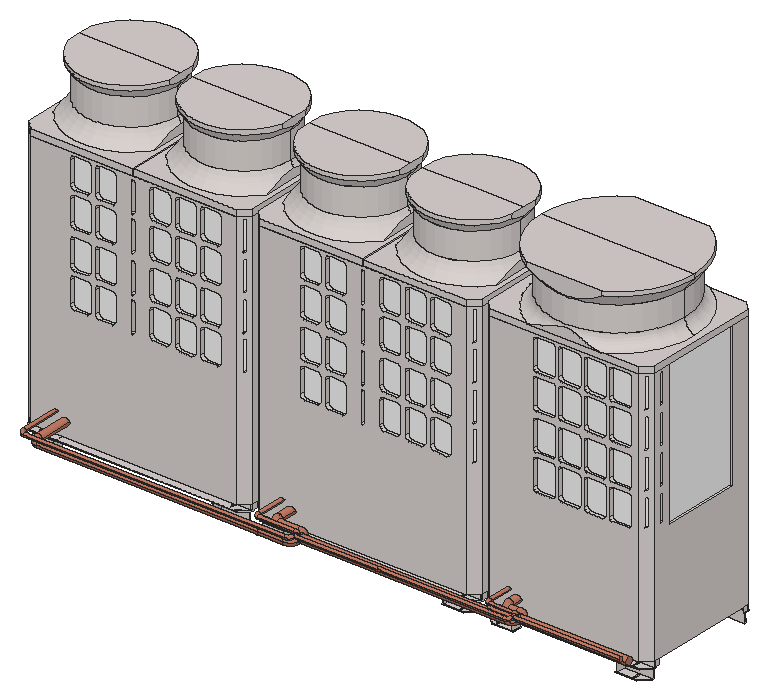
Revit family "PUHY-EP1000YSNW-A", category Mechanical Equipment, Revit 2012 (continued)
Definition of nested family "PUHY-EP400YNW-A"
  Lines and regions (mm)
    model lines
      curve 12: line (-495, -370, 141) -> (-495, -370, 205)
      curve 13: line (-357, -370, 131) -> (-485, -370, 131)
      curve 14: line (-347, -370, 205) -> (-347, -370, 141)
      curve 15: arc (-485, -370, 215) -> (-492.071, -370, 212.071) -> (-495, -370, 205) r 10
      curve 16: arc (-495, -370, 141) -> (-492.071, -370, 133.929) -> (-485, -370, 131) r 10
      curve 17: arc (-357, -370, 131) -> (-349.929, -370, 133.929) -> (-347, -370, 141) r 10
      curve 18: arc (-347, -370, 205) -> (-349.929, -370, 212.071) -> (-357, -370, 215) r 10
      curve 19: line (-405, -370, 1521) -> (-405, -370, 716)
      curve 20: line (620, -162.3, 1521) -> (620, -162.3, 95)
      curve 21: line (620, 289.2, 1521) -> (620, 289.2, 95)
      curve 22: line (620, -162.3, 705) -> (620, 289.2, 705)
      curve 23: line (620, -162.3, 725) -> (620, 289.2, 725)
      curve 24: line (620, -76.8, 583) -> (620, 203.2, 583)
      curve 25: line (620, 203.2, 563) -> (620, -76.8, 563)
      curve 26: arc (620, -76.8, 583) -> (620, -83.871, 580.071) -> (620, -86.8, 573) r 10
      curve 27: arc (620, -76.8, 563) -> (620, -83.871, 565.929) -> (620, -86.8, 573) r 10
      curve 28: arc (620, 203.2, 583) -> (620, 210.271, 580.071) -> (620, 213.2, 573) r 10
      curve 29: arc (620, 203.2, 563) -> (620, 210.271, 565.929) -> (620, 213.2, 573) r 10
      curve 30: line (620, -76.8, 478) -> (620, 203.2, 478)
      curve 31: line (620, 203.2, 458) -> (620, -76.8, 458)
      curve 32: arc (620, -76.8, 478) -> (620, -83.871, 475.071) -> (620, -86.8, 468) r 10
      curve 33: arc (620, -76.8, 458) -> (620, -83.871, 460.929) -> (620, -86.8, 468) r 10
      curve 34: arc (620, 203.2, 478) -> (620, 210.271, 475.071) -> (620, 213.2, 468) r 10
      curve 35: arc (620, 203.2, 458) -> (620, 210.271, 460.929) -> (620, 213.2, 468) r 10
      curve 36: line (620, -76.8, 373) -> (620, 203.2, 373)
      curve 37: line (620, 203.2, 353) -> (620, -76.8, 353)
      curve 38: arc (620, -76.8, 373) -> (620, -83.871, 370.071) -> (620, -86.8, 363) r 10
      curve 39: arc (620, -76.8, 353) -> (620, -83.871, 355.929) -> (620, -86.8, 363) r 10
      curve 40: arc (620, 203.2, 373) -> (620, 210.271, 370.071) -> (620, 213.2, 363) r 10
      curve 41: arc (620, 203.2, 353) -> (620, 210.271, 355.929) -> (620, 213.2, 363) r 10
      curve 42: line (620, -76.8, 268) -> (620, 203.2, 268)
      curve 43: line (620, 203.2, 248) -> (620, -76.8, 248)
      curve 44: arc (620, -76.8, 268) -> (620, -83.871, 265.071) -> (620, -86.8, 258) r 10
      curve 45: arc (620, -76.8, 248) -> (620, -83.871, 250.929) -> (620, -86.8, 258) r 10
      curve 46: arc (620, 203.2, 268) -> (620, 210.271, 265.071) -> (620, 213.2, 258) r 10
      curve 47: arc (620, 203.2, 248) -> (620, 210.271, 250.929) -> (620, 213.2, 258) r 10
      curve 48: line (-620, -162.3, 1521) -> (-620, -162.3, 95)
      curve 49: line (-620, 235.7, 1521) -> (-620, 235.7, 95)
      curve 50: line (-620, -112.3, 1521) -> (-620, -112.3, 705)
      curve 51: line (-620, 215.7, 1521) -> (-620, 215.7, 705)
      curve 52: line (-620, 235.7, 705) -> (-620, -162.3, 705)
      curve 53: line (-620, 176.7, 268) -> (-620, -103.3, 268)
      curve 54: line (-620, -103.3, 248) -> (-620, 176.7, 248)
      curve 55: arc (-620, 186.7, 258) -> (-620, 183.771, 265.071) -> (-620, 176.7, 268) r 10
      curve 56: arc (-620, 176.7, 248) -> (-620, 183.771, 250.929) -> (-620, 186.7, 258) r 10
      curve 57: arc (-620, -103.3, 268) -> (-620, -110.371, 265.071) -> (-620, -113.3, 258) r 10
      curve 58: arc (-620, -113.3, 258) -> (-620, -110.371, 250.929) -> (-620, -103.3, 248) r 10
      curve 59: line (-620, 176.7, 373) -> (-620, -103.3, 373)
      curve 60: line (-620, -103.3, 353) -> (-620, 176.7, 353)
      curve 61: arc (-620, 186.7, 363) -> (-620, 183.771, 370.071) -> (-620, 176.7, 373) r 10
      curve 62: arc (-620, 176.7, 353) -> (-620, 183.771, 355.929) -> (-620, 186.7, 363) r 10
      curve 63: arc (-620, -103.3, 373) -> (-620, -110.371, 370.071) -> (-620, -113.3, 363) r 10
      curve 64: arc (-620, -113.3, 363) -> (-620, -110.371, 355.929) -> (-620, -103.3, 353) r 10
      curve 65: line (-620, 176.7, 478) -> (-620, -103.3, 478)
      curve 66: line (-620, -103.3, 458) -> (-620, 176.7, 458)
      curve 67: arc (-620, 186.7, 468) -> (-620, 183.771, 475.071) -> (-620, 176.7, 478) r 10
      curve 68: arc (-620, 176.7, 458) -> (-620, 183.771, 460.929) -> (-620, 186.7, 468) r 10
      curve 69: arc (-620, -103.3, 478) -> (-620, -110.371, 475.071) -> (-620, -113.3, 468) r 10
      curve 70: arc (-620, -113.3, 468) -> (-620, -110.371, 460.929) -> (-620, -103.3, 458) r 10
      curve 71: line (-620, 176.7, 583) -> (-620, -103.3, 583)
      curve 72: line (-620, -103.3, 563) -> (-620, 176.7, 563)
      curve 73: arc (-620, 186.7, 573) -> (-620, 183.771, 580.071) -> (-620, 176.7, 583) r 10
      curve 74: arc (-620, 176.7, 563) -> (-620, 183.771, 565.929) -> (-620, 186.7, 573) r 10
      curve 75: arc (-620, -103.3, 583) -> (-620, -110.371, 580.071) -> (-620, -113.3, 573) r 10
      curve 76: arc (-620, -113.3, 573) -> (-620, -110.371, 565.929) -> (-620, -103.3, 563) r 10
      curve 77: line (-544, 370, 1521) -> (-544, 370, 95)
      curve 78: line (489, 370, 649) -> (30, 370, 649)
      curve 79: line (-30.5, 370, 649) -> (-544, 370, 649)
      curve 80: line (-147.25, 370, 584) -> (-427.25, 370, 584)
      curve 81: line (-427.25, 370, 564) -> (-147.25, 370, 564)
      curve 82: arc (-137.25, 370, 574) -> (-140.179, 370, 581.071) -> (-147.25, 370, 584) r 10
      curve 83: arc (-147.25, 370, 564) -> (-140.179, 370, 566.929) -> (-137.25, 370, 574) r 10
      curve 84: arc (-427.25, 370, 584) -> (-434.321, 370, 581.071) -> (-437.25, 370, 574) r 10
      curve 85: arc (-437.25, 370, 574) -> (-434.321, 370, 566.929) -> (-427.25, 370, 564) r 10
      curve 86: circle (448, -185, 1521) r 15 normal (0, 0, 1)
      curve 87: circle (468, -185, 95) r 26 normal (0, 0, 1)
      curve 88: circle (448, -260, 95) r 32.5 normal (0, 0, 1)
      curve 89: circle (404, -204, 95) r 17 normal (0, 0, 1)
      curve 90: line (-550, -370, 1521) -> (-550, -370, 95)
      curve 91: line (-550, -370, 716) -> (-30, -370, 716)
      curve 92: line (550, -370, 95) -> (550, -370, 1521)
      curve 93: line (30, -370, 716) -> (550, -370, 716)
      curve 94: line (-30.5, 370, 1521) -> (-30.5, 370, 95)
      curve 95: line (30, 370, 1521) -> (30, 370, 95)
      curve 96: line (489, 370, 1521) -> (489, 370, 95)
      curve 97: line (467, 370, 669) -> (467, 370, 649)
      curve 98: line (-352, -370, 223) -> (-550, -370, 223)
      curve 99: line (-342, -370, 213) -> (-342, -370, 95)
      curve 100: arc (-342, -370, 213) -> (-344.929, -370, 220.071) -> (-352, -370, 223) r 10
      curve 101: circle (488, -370, 160) r 32.5 normal (0, -1, 0)
      curve 102: circle (488, -370, 160) r 20 normal (0, -1, 0)
      curve 103: circle (364, -370, 150) r 17 normal (0, -1, 0)
      curve 104: circle (413, -370, 185) r 26 normal (0, -1, 0)
      curve 105: circle (413, -370, 185) r 13.5 normal (0, -1, 0)
      curve 106: line (352, -370, 223) -> (550, -370, 223)
      curve 107: line (342, -370, 213) -> (342, -370, 95)
      curve 108: arc (342, -370, 213) -> (344.929, -370, 220.071) -> (352, -370, 223) r 10
      curve 109: line (-147.25, 370, 479) -> (-427.25, 370, 479)
      curve 110: line (-427.25, 370, 459) -> (-147.25, 370, 459)
      curve 111: arc (-137.25, 370, 469) -> (-140.179, 370, 476.071) -> (-147.25, 370, 479) r 10
      curve 112: arc (-147.25, 370, 459) -> (-140.179, 370, 461.929) -> (-137.25, 370, 469) r 10
      curve 113: arc (-427.25, 370, 479) -> (-434.321, 370, 476.071) -> (-437.25, 370, 469) r 10
      curve 114: arc (-437.25, 370, 469) -> (-434.321, 370, 461.929) -> (-427.25, 370, 459) r 10
      curve 115: line (-147.25, 370, 374) -> (-427.25, 370, 374)
      curve 116: line (-427.25, 370, 354) -> (-147.25, 370, 354)
      curve 117: arc (-137.25, 370, 364) -> (-140.179, 370, 371.071) -> (-147.25, 370, 374) r 10
      curve 118: arc (-147.25, 370, 354) -> (-140.179, 370, 356.929) -> (-137.25, 370, 364) r 10
      curve 119: arc (-427.25, 370, 374) -> (-434.321, 370, 371.071) -> (-437.25, 370, 364) r 10
      curve 120: arc (-437.25, 370, 364) -> (-434.321, 370, 356.929) -> (-427.25, 370, 354) r 10
      curve 121: line (-147.25, 370, 269) -> (-427.25, 370, 269)
      curve 122: line (-427.25, 370, 249) -> (-147.25, 370, 249)
      curve 123: arc (-137.25, 370, 259) -> (-140.179, 370, 266.071) -> (-147.25, 370, 269) r 10
      curve 124: arc (-147.25, 370, 249) -> (-140.179, 370, 251.929) -> (-137.25, 370, 259) r 10
      curve 125: arc (-427.25, 370, 269) -> (-434.321, 370, 266.071) -> (-437.25, 370, 259) r 10
      curve 126: arc (-437.25, 370, 259) -> (-434.321, 370, 251.929) -> (-427.25, 370, 249) r 10
      curve 127: line (399.5, 370, 584) -> (119.5, 370, 584)
      curve 128: line (119.5, 370, 564) -> (399.5, 370, 564)
      curve 129: arc (409.5, 370, 574) -> (406.571, 370, 581.071) -> (399.5, 370, 584) r 10
      curve 130: arc (399.5, 370, 564) -> (406.571, 370, 566.929) -> (409.5, 370, 574) r 10
      curve 131: arc (119.5, 370, 584) -> (112.429, 370, 581.071) -> (109.5, 370, 574) r 10
      curve 132: arc (109.5, 370, 574) -> (112.429, 370, 566.929) -> (119.5, 370, 564) r 10
      curve 133: line (399.5, 370, 479) -> (119.5, 370, 479)
      curve 134: line (119.5, 370, 459) -> (399.5, 370, 459)
      curve 135: arc (409.5, 370, 469) -> (406.571, 370, 476.071) -> (399.5, 370, 479) r 10
      curve 136: arc (399.5, 370, 459) -> (406.571, 370, 461.929) -> (409.5, 370, 469) r 10
      curve 137: arc (119.5, 370, 479) -> (112.429, 370, 476.071) -> (109.5, 370, 469) r 10
      curve 138: arc (109.5, 370, 469) -> (112.429, 370, 461.929) -> (119.5, 370, 459) r 10
      curve 139: line (399.5, 370, 374) -> (119.5, 370, 374)
      curve 140: line (119.5, 370, 354) -> (399.5, 370, 354)
      curve 141: arc (409.5, 370, 364) -> (406.571, 370, 371.071) -> (399.5, 370, 374) r 10
      curve 142: arc (399.5, 370, 354) -> (406.571, 370, 356.929) -> (409.5, 370, 364) r 10
      curve 143: arc (119.5, 370, 374) -> (112.429, 370, 371.071) -> (109.5, 370, 364) r 10
      curve 144: arc (109.5, 370, 364) -> (112.429, 370, 356.929) -> (119.5, 370, 354) r 10
      curve 145: line (399.5, 370, 269) -> (119.5, 370, 269)
      curve 146: line (119.5, 370, 249) -> (399.5, 370, 249)
      curve 147: arc (409.5, 370, 259) -> (406.571, 370, 266.071) -> (399.5, 370, 269) r 10
      curve 148: arc (399.5, 370, 249) -> (406.571, 370, 251.929) -> (409.5, 370, 259) r 10
      curve 149: arc (119.5, 370, 269) -> (112.429, 370, 266.071) -> (109.5, 370, 259) r 10
      curve 150: arc (109.5, 370, 259) -> (112.429, 370, 251.929) -> (119.5, 370, 249) r 10
      curve 151: line (399.5, -370, 584) -> (119.5, -370, 584)
      curve 152: line (119.5, -370, 564) -> (399.5, -370, 564)
      curve 153: arc (409.5, -370, 574) -> (406.571, -370, 581.071) -> (399.5, -370, 584) r 10
      curve 154: arc (399.5, -370, 564) -> (406.571, -370, 566.929) -> (409.5, -370, 574) r 10
      curve 155: arc (119.5, -370, 584) -> (112.429, -370, 581.071) -> (109.5, -370, 574) r 10
      curve 156: arc (109.5, -370, 574) -> (112.429, -370, 566.929) -> (119.5, -370, 564) r 10
      curve 157: line (399.5, -370, 479) -> (119.5, -370, 479)
      curve 158: line (119.5, -370, 459) -> (399.5, -370, 459)
      curve 159: arc (409.5, -370, 469) -> (406.571, -370, 476.071) -> (399.5, -370, 479) r 10
      curve 160: arc (399.5, -370, 459) -> (406.571, -370, 461.929) -> (409.5, -370, 469) r 10
      curve 161: arc (119.5, -370, 479) -> (112.429, -370, 476.071) -> (109.5, -370, 469) r 10
      curve 162: arc (109.5, -370, 469) -> (112.429, -370, 461.929) -> (119.5, -370, 459) r 10
      curve 163: line (399.5, -370, 374) -> (119.5, -370, 374)
      curve 164: line (119.5, -370, 354) -> (399.5, -370, 354)
      curve 165: arc (409.5, -370, 364) -> (406.571, -370, 371.071) -> (399.5, -370, 374) r 10
      curve 166: arc (399.5, -370, 354) -> (406.571, -370, 356.929) -> (409.5, -370, 364) r 10
      curve 167: arc (119.5, -370, 374) -> (112.429, -370, 371.071) -> (109.5, -370, 364) r 10
      curve 168: arc (109.5, -370, 364) -> (112.429, -370, 356.929) -> (119.5, -370, 354) r 10
      curve 169: arc (119.5, -370, 269) -> (112.429, -370, 266.071) -> (109.5, -370, 259) r 10
      curve 170: arc (109.5, -370, 259) -> (112.429, -370, 251.929) -> (119.5, -370, 249) r 10
      curve 171: line (-147.25, -370, 584) -> (-427.25, -370, 584)
      curve 172: line (-427.25, -370, 564) -> (-147.25, -370, 564)
      curve 173: arc (-137.25, -370, 574) -> (-140.179, -370, 581.071) -> (-147.25, -370, 584) r 10
      curve 174: arc (-147.25, -370, 564) -> (-140.179, -370, 566.929) -> (-137.25, -370, 574) r 10
      curve 175: arc (-427.25, -370, 584) -> (-434.321, -370, 581.071) -> (-437.25, -370, 574) r 10
      curve 176: arc (-437.25, -370, 574) -> (-434.321, -370, 566.929) -> (-427.25, -370, 564) r 10
      curve 177: line (-147.25, -370, 479) -> (-427.25, -370, 479)
      curve 178: line (-427.25, -370, 459) -> (-147.25, -370, 459)
      curve 179: arc (-137.25, -370, 469) -> (-140.179, -370, 476.071) -> (-147.25, -370, 479) r 10
      curve 180: arc (-147.25, -370, 459) -> (-140.179, -370, 461.929) -> (-137.25, -370, 469) r 10
      curve 181: arc (-427.25, -370, 479) -> (-434.321, -370, 476.071) -> (-437.25, -370, 469) r 10
      curve 182: arc (-437.25, -370, 469) -> (-434.321, -370, 461.929) -> (-427.25, -370, 459) r 10
      curve 183: line (-147.25, -370, 374) -> (-427.25, -370, 374)
      curve 184: line (-427.25, -370, 354) -> (-147.25, -370, 354)
      curve 185: arc (-137.25, -370, 364) -> (-140.179, -370, 371.071) -> (-147.25, -370, 374) r 10
      curve 186: arc (-147.25, -370, 354) -> (-140.179, -370, 356.929) -> (-137.25, -370, 364) r 10
      curve 187: arc (-427.25, -370, 374) -> (-434.321, -370, 371.071) -> (-437.25, -370, 364) r 10
      curve 188: arc (-437.25, -370, 364) -> (-434.321, -370, 356.929) -> (-427.25, -370, 354) r 10
      curve 189: line (-147.25, -370, 269) -> (-262.25, -370, 269)
      curve 190: line (-262.25, -370, 249) -> (-147.25, -370, 249)
      curve 191: arc (-137.25, -370, 259) -> (-140.179, -370, 266.071) -> (-147.25, -370, 269) r 10
      curve 192: arc (-147.25, -370, 249) -> (-140.179, -370, 251.929) -> (-137.25, -370, 259) r 10
      curve 193: arc (-262.25, -370, 269) -> (-269.321, -370, 266.071) -> (-272.25, -370, 259) r 10
      curve 194: arc (-272.25, -370, 259) -> (-269.321, -370, 251.929) -> (-262.25, -370, 249) r 10
      curve 195: line (234.5, -370, 269) -> (119.5, -370, 269)
      curve 196: line (119.5, -370, 249) -> (234.5, -370, 249)
      curve 197: arc (244.5, -370, 259) -> (241.571, -370, 266.071) -> (234.5, -370, 269) r 10
      curve 198: arc (234.5, -370, 249) -> (241.571, -370, 251.929) -> (244.5, -370, 259) r 10
  Dimensions and locks
    nested 2 to nested 2 = 303 mm
    cut or joined group 1 (Extrusion 1, Extrusion 2, Extrusion 3, Extrusion 4, Extrusion 5, Extrusion 6, Extrusion 7, Extrusion 8, Extrusion 9, Extrusion 10, Extrusion 11, Extrusion 12, Extrusion 13, Extrusion 14, Extrusion 15, Extrusion 16, Extrusion 17, Extrusion 18, Extrusion 19, Extrusion 20, Extrusion 21, Extrusion 22, Extrusion 23, Extrusion 24, Extrusion 25, Extrusion 26, Extrusion 27, Extrusion 28, Extrusion 29, Extrusion 30, Extrusion 31, Extrusion 32, Extrusion 33) to cut or joined group 1 = 1240 mm
    Extrusion 2 sketch curve to Extrusion 2 sketch curve = 116.8 mm
    Extrusion 2 sketch curve to Extrusion 2 sketch curve = 170.8 mm
    Extrusion 3 sketch curve to Extrusion 3 sketch curve = 116.8 mm
    Extrusion 3 sketch curve to Extrusion 3 sketch curve = 170.8 mm
    Extrusion 4 sketch curve to Extrusion 4 sketch curve = 116.8 mm
    Extrusion 4 sketch curve to Extrusion 4 sketch curve = 170.8 mm
    Extrusion 5 sketch curve to Extrusion 5 sketch curve = 116.8 mm
    Extrusion 5 sketch curve to Extrusion 5 sketch curve = 170.8 mm
    Extrusion 6 sketch curve to Extrusion 6 sketch curve = 116.8 mm
    Extrusion 6 sketch curve to Extrusion 6 sketch curve = 170.8 mm
    Extrusion 7 sketch curve to Extrusion 7 sketch curve = 116.8 mm
    Extrusion 7 sketch curve to Extrusion 7 sketch curve = 170.8 mm
    Extrusion 8 sketch curve to Extrusion 8 sketch curve = 116.8 mm
    Extrusion 8 sketch curve to Extrusion 8 sketch curve = 170.8 mm
    Extrusion 9 sketch curve to Extrusion 9 sketch curve = 116.8 mm
    Extrusion 9 sketch curve to Extrusion 9 sketch curve = 170.8 mm
    cut or joined group 1 to cut or joined group 1 = 50 mm  (x2)
    Extrusion 10 sketch curve to Extrusion 10 sketch curve = 116.8 mm
    Extrusion 10 sketch curve to Extrusion 10 sketch curve = 170.8 mm
    Extrusion 11 sketch curve to Extrusion 11 sketch curve = 116.8 mm
    Extrusion 11 sketch curve to Extrusion 11 sketch curve = 170.8 mm
    Extrusion 12 sketch curve to Extrusion 12 sketch curve = 116.8 mm
    Extrusion 12 sketch curve to Extrusion 12 sketch curve = 170.8 mm
    Extrusion 13 sketch curve to Extrusion 13 sketch curve = 116.8 mm
    Extrusion 13 sketch curve to Extrusion 13 sketch curve = 170.8 mm
    Extrusion 14 sketch curve to Extrusion 14 sketch curve = 116.8 mm
    Extrusion 14 sketch curve to Extrusion 14 sketch curve = 170.8 mm
    Extrusion 15 sketch curve to Extrusion 15 sketch curve = 116.8 mm
    Extrusion 15 sketch curve to Extrusion 15 sketch curve = 170.8 mm
    Extrusion 16 sketch curve to Extrusion 16 sketch curve = 116.8 mm
    Extrusion 16 sketch curve to Extrusion 16 sketch curve = 170.8 mm
    Extrusion 17 sketch curve to Extrusion 17 sketch curve = 116.8 mm
    Extrusion 17 sketch curve to Extrusion 17 sketch curve = 170.8 mm
    Extrusion 18 sketch curve to Extrusion 18 sketch curve = 116.8 mm
    Extrusion 18 sketch curve to Extrusion 18 sketch curve = 170.8 mm
    Extrusion 19 sketch curve to Extrusion 19 sketch curve = 116.8 mm
    Extrusion 19 sketch curve to Extrusion 19 sketch curve = 170.8 mm
    Extrusion 20 sketch curve to Extrusion 20 sketch curve = 116.8 mm
    Extrusion 20 sketch curve to Extrusion 20 sketch curve = 170.8 mm
    Extrusion 21 sketch curve to Extrusion 21 sketch curve = 116.8 mm
    Extrusion 21 sketch curve to Extrusion 21 sketch curve = 170.8 mm
    plane 3 "Center (Left/Right)" to cut or joined group 1 = 620 mm
    cut or joined group 1 to plane 3 "Center (Left/Right)" = 620 mm
    Extrusion 1 sketch curve to Extrusion 1 sketch curve = 1240 mm
    cut or joined group 1 to plane 8 = 185 mm
    cut or joined group 1 to plane 7 = 166 mm
    cut or joined group 1 to plane 6 = 110 mm
    cut or joined group 1 to plane 12 to cut or joined group 1 = 805 mm, 621 mm
    plane 5 to plane 2 = 1858 mm  (x2)
    cut or joined group 1 to plane 19 "132" = 132 mm
    cut or joined group 1 to plane 22 = 207 mm
    cut or joined group 1 to plane 23 = 256 mm
    cut or joined group 1 to plane 6 = 60 mm
    cut or joined group 1 to cut or joined group 1 = 42.154 mm
    cut or joined group 1 to cut or joined group 1 = 11.895 mm
    nested 1 to nested 3 to level = 1798 mm, 60 mm
    nested 1 to nested 1 = 303 mm
    nested 1 to nested 3 = 1495 mm
    nested 8 to nested 8 to nested 8 to nested 7 to nested 7 to nested 7 = 54 mm, 20 mm, 592 mm, 20 mm, 54 mm
    nested 3 to nested 3 = 56 mm
    plane 11 to plane 31 to plane 32 to cut or joined group 1 = 90 mm, 1060 mm, 90 mm
    curve 103 to nested 7 = 90 mm
    curve 104 to nested 7 = 125 mm
    curve 101 to nested 7 = 100 mm
    curve 11 to curve 13 to nested 7 = 84 mm, 71 mm
    cut or joined group 1 to curve 12 to curve 14 = 125 mm, 148 mm
    nested 2 to nested 7 = 1495 mm
    curve 87 to cut or joined group 1 = 152 mm
    curve 88 to cut or joined group 1 = 172 mm
    curve 89 to cut or joined group 1 = 216 mm
    cut or joined group 1 to curve 4 to curve 2 = 128 mm, 150 mm
    cut or joined group 1 to curve 1 to curve 3 = 79 mm, 94 mm
    Extrusion 32 sketch curve to nested 7 = 116 mm
    cut or joined group 1 to Extrusion 32 sketch curve = 160 mm
    cut or joined group 1 to Extrusion 33 sketch curve = 243 mm
    Extrusion 33 sketch curve to nested 7 = 116 mm
    aligned and locked: level to plane 2
    aligned and locked: Extrusion 1 to plane 4
  Nested families
    nested 1: "FAN GUARD" at (-311.5, 2, 860), type "FAN GUARD"
      with WIDTH 870 mm
    nested 2: "FAN GUARD" at (311.5, 2, 860) x (-1, 0, 0) z (0, 0, 1), type "FAN GUARD"
      with WIDTH 870 mm
    nested 3: "ATTACHMENT LEG" at (-524, -349, 0), type "ATTACHMENT LEG"
    nested 4: "ATTACHMENT LEG" at (-524, 349, 0), type "ATTACHMENT LEG"
    nested 5: "ATTACHMENT LEG" at (524, -349, 0) x (-1, 0, 0) z (0, 0, 1), type "ATTACHMENT LEG"
    nested 6: "ATTACHMENT LEG" at (524, 349, 0) x (-1, 0, 0) z (0, 0, 1), type "ATTACHMENT LEG"
    nested 7: "BASE LEG_L_" at (0, -352, 60), type "BASE LEG_L_"
      with Width 1240 mm
    nested 8: "BASE LEG_L_" at (0, 352, 60), type "BASE LEG_L_"
      with Width 1240 mm
  Connectors
    piping at (-460, -191, 176), driven by "Liquid pipe_radius"
      settings: on cut or joined group 1, index 3, connector radius 12.7 mm, flow factor 0, pipe flow 0.0 L/s, pressure drop 0.0 Pa, fitting loss kfactor 0, connector angle 0.00°, fixture units 0, engagement length 0 mm, flow configuration 0, flow direction 0, fitting loss method 0, system type 22, joint type 0, gender type 0, connector reference index -1, connector utility 0, adjustable connector no, is connector primary yes, fitting loss table "", connector description "Refrigerant service valve<Liquid pipe>"
    piping at (-377, -191, 176), driven by "Gas pipe_radius"
      settings: on cut or joined group 1, index 4, connector radius 14.29 mm, flow factor 0, pipe flow 0.0 L/s, pressure drop 0.0 Pa, fitting loss kfactor 0, connector angle 0.00°, fixture units 0, engagement length 0 mm, flow configuration 0, flow direction 0, fitting loss method 0, system type 22, joint type 0, gender type 0, connector reference index -1, connector utility 0, adjustable connector no, is connector primary no, fitting loss table "", connector description "Refrigerant service valve<Gas>"
    electrical at (0, -370, 808)
      settings: on cut or joined group 1, index 5, voltage 0 V, apparent load 0 VA, apparent load phase1 0 VA, apparent load phase2 0 VA, apparent load phase3 0 VA, power factor 1, load classification "HVAC", number of poles 1, system type 30, power factor state 1, is connector primary yes, connector utility no, sub classification motor no, connector description ""
  Definition of nested family "FAN GUARD"
    Parameters (values of type "FAN GUARD")
      WIDTH [instance] = 870 mm
    Reference planes
      plane 1 "中心(正面/背面)": y = -2
      plane 2: z = 0
      plane 3 "ファンガード基準面": z = 661
      plane 4: y = 368
      plane 5: x = 366
      plane 6: x = -375
      plane 7 "ファンガード基準上面": z = 695
      plane 8 "ファンガード上面": z = 998
      plane 9: x = -273.971
      plane 10: x = 308.5
      plane 11: x = -308.5
      plane 12: x = 0
    Forms (mm)
      Extrusion 1, solid, material "Paint_5Y 8/1"
        sketch origin (85, 0, 661) x (-1, 0, 0) y (0, -1, 0)
          loop
            line (343.5, -368) -> (393.5, -318) -> (393.5, 322) -> (343.5, 372) -> (-223.5, 372) -> (-223.5, -368) -> (343.5, -368)
        from 0 to 34
      Revolve 2, solid, material "Paint_5Y 8/1"
        sketch origin (0, -2, 0) x (1, 0, 0) y (0, 0, 1)
          loop
            line (0, 695) -> (0, 998) -> (-290, 998) -> (-290, 972.327) -> (-260, 928.372) -> (-260, 777.384)
            arc (-260, 777.384) -> (-290.651, 730.137) -> (-334.665, 695) r 175.882
            line (-334.665, 695) -> (0, 695)
          axis (0, 998) -> (0, 695)
        angle from 0 to 360
      Extrusion 3, void
        sketch origin (-840, 75, 695) x (-1, 0, 0) y (0, -1, 0)
          loop
            line (-410, -165) -> (-410, 315) -> (-561.253, 315) -> (-561.253, -165) -> (-410, -165)
        from -35 to 430.592
      Extrusion 4, void
        sketch origin (840, 75, 695) x (1, 0, 0) y (0, 1, 0)
          loop
            line (-410, 165) -> (-561.253, 165) -> (-561.253, -315) -> (-410, -315) -> (-410, 165)
        from 0 to 430.592
    Cuts and joins
      Extrusion 3, Extrusion 4 cuts Revolve 2
      Extrusion 4 cuts Extrusion 1
    Lines and regions (mm)
      model lines
        curve 1: line (-278.747, 0, 998) -> (-80, 0, 998)
        curve 2: line (80, 0, 998) -> (278.747, 0, 998)
        curve 3: circle (0, 0, 998) r 80 normal (0, 0, 1)
        curve 4: line (-278.747, -80, 998) -> (278.747, -80, 998)
        curve 5: line (-241.868, -160, 998) -> (241.868, -160, 998)
        curve 6: line (-162.788, -240, 998) -> (162.788, -240, 998)
        curve 7: line (-278.747, 80, 998) -> (278.747, 80, 998)
        curve 8: line (-241.868, 160, 998) -> (240, 160, 998)
        curve 9: line (-160, 240, 998) -> (162.788, 240, 998)
        curve 10: line (0, 290, 998) -> (0, -290, 998)
        curve 11: line (-20, 289.31, 998) -> (-20, -289.31, 998)
        curve 12: line (-40, 287.228, 998) -> (-40, -287.228, 998)
        curve 13: line (-60, 283.725, 998) -> (-60, -283.725, 998)
        curve 14: line (-80, 278.747, 998) -> (-80, -278.747, 998)
        curve 15: line (20, 289.31, 998) -> (20, -289.31, 998)
        curve 16: line (40, 287.228, 998) -> (40, -287.228, 998)
        curve 17: line (60, 283.725, 998) -> (60, -283.725, 998)
        curve 18: line (80, 278.747, 998) -> (80, -278.747, 998)
        curve 19: line (100, 272.213, 998) -> (100, -272.213, 998)
        curve 20: line (120, 264.008, 998) -> (120, -264.008, 998)
        curve 21: line (140, 253.969, 998) -> (140, -253.969, 998)
        curve 22: line (160, 241.868, 998) -> (160, -243.132, 998)
        curve 23: line (180, 227.376, 998) -> (180, -227.624, 998)
        curve 24: line (200, 210, 998) -> (200, -210, 998)
        curve 25: line (220, 188.944, 998) -> (220, -188.944, 998)
        curve 26: line (240, 160, 998) -> (240, -162.788, 998)
        curve 27: line (260, 128.452, 998) -> (260, -128.452, 998)
        curve 28: line (-100, 272.213, 998) -> (-100, -272.213, 998)
        curve 29: line (-120, 264.008, 998) -> (-120, -264.008, 998)
        curve 30: line (-140, 253.969, 998) -> (-140, -253.969, 998)
        curve 31: line (-160, 240, 998) -> (-160, -241.868, 998)
        curve 32: line (-180, 227.376, 998) -> (-180, -227.376, 998)
        curve 33: line (-200, 210, 998) -> (-200, -210, 998)
        curve 34: line (-220, 188.944, 998) -> (-220, -188.944, 998)
        curve 35: line (-240, 162.788, 998) -> (-240, -162.788, 998)
        curve 36: line (-260, 128.452, 998) -> (-260, -128.452, 998)
        curve 37: line (10, 79.373, 998) -> (10, -79.373, 998)
        curve 38: line (-10, 79.373, 998) -> (-10, -79.373, 998)
        curve 39: line (30, 74.162, 998) -> (30, -74.162, 998)
        curve 40: line (50, 62.45, 998) -> (50, -62.45, 998)
        curve 41: line (70, 38.73, 998) -> (70, -38.73, 998)
        curve 42: line (-30, 74.162, 998) -> (-30, -74.162, 998)
        curve 43: line (-50, 62.45, 998) -> (-50, -62.45, 998)
        curve 44: line (-70, 38.73, 998) -> (-70, -38.73, 998)
    Dimensions and locks
      locked: plane 8 "ファンガード上面" to plane 7 "ファンガード基準上面" at 303
      plane 8 "ファンガード上面" to plane 3 "ファンガード基準面" = 337 mm
      Revolve 2 sketch curve to Revolve 2 sketch curve = 290 mm
      Extrusion 1 sketch curve to Extrusion 1 sketch curve = 740 mm
      equal spacing: Extrusion 1 sketch curve, plane 1 "中心(正面/背面)", Extrusion 1 sketch curve
      plane 6 to plane 5 = 741 mm
      Extrusion 1 sketch curve to Extrusion 1 sketch curve = 617 mm
      plane 11 to plane 10 = 617 mm
      cut or joined group of Extrusion 1, Extrusion 4 to cut or joined group of Extrusion 1, Extrusion 4 = 617 mm
      cut or joined group of Extrusion 1, Extrusion 4 to cut or joined group of Extrusion 1, Extrusion 4 = 740 mm
      aligned and locked: level to plane 2
      aligned and locked: plane 7 "ファンガード基準上面" to Extrusion 1
      aligned and locked: plane 3 "ファンガード基準面" to Extrusion 1
      aligned and locked: cut or joined group of Revolve 2, Extrusion 3, Extrusion 4 to plane 8 "ファンガード上面"
  Definition of nested family "ATTACHMENT LEG"
    Parameters (values of type "ATTACHMENT LEG")
      Width = 145 mm
    Reference planes
      plane 1: z = 0
      plane 2 "中心(左/右)": x = -6
      plane 3: x = -52
      plane 4: x = 85
      plane 5: x = 93
      plane 6: y = -21
      plane 7: y = 27
      plane 8: x = -30
      plane 9: y = 39
      plane 10: z = 60
      plane 11: z = 57
      plane 12: z = 3
      plane 13: x = 82
      plane 14: y = 36
      plane 15: x = -75
      plane 16: y = 31
      plane 17 "幅": x = 93
      plane 18: y = 2.5
      plane 19: y = 21
      plane 20: y = -10
    Forms (mm)
      Extrusion 1, solid, material "Paint_5Y 8/1"
        sketch origin (0, -1, 0) x (1, 0, 0) y (0, 1, 0)
          loop
            line (-75, 36) -> (-75, 27) -> (-28, -20) -> (93, -20) -> (93, 32) -> (85, 32) -> (85, 36) -> (-75, 36)
        from 0 to 60
      Extrusion 2, void
        sketch origin (0, -3, 0) x (1, 0, 0) y (0, 0, 1)
          loop
            line (-75, 57) -> (-75, 3) -> (82, 3) -> (82, 57) -> (-75, 57)
          loop
            line (93, 57) -> (85, 57) -> (85, 3) -> (93, 3) -> (93, 57)
        from -35 to 18
      Extrusion 3, void
        sketch origin (-6, 5.5, 0) x (1, 0, 0) y (0, 1, 0)
          loop
            arc (-7, -8.5) -> (0, -15.5) -> (7, -8.5) r 7
            line (7, -8.5) -> (7, 8.5)
            arc (7, 8.5) -> (0, 15.5) -> (-7, 8.5) r 7
            line (-7, 8.5) -> (-7, -8.5)
        from 0 to 60
    Cuts and joins
      Extrusion 2, Extrusion 3 cuts Extrusion 1
    Dimensions and locks
      locked: plane 3 to plane 4 at 137
      locked: plane 3 to plane 5 at 145
      plane 6 to plane 7 = 48 mm
      locked: plane 10 to level at 60
      Extrusion 3 sketch curve to plane 2 "中心(左/右)" = 7 mm
      locked: plane 15 to plane 2 "中心(左/右)" at 69
      locked: plane 15 to plane 8 at 45
      locked: plane 6 to plane 18 at 23.5
      cut or joined group of Extrusion 1, Extrusion 2, Extrusion 3 to cut or joined group of Extrusion 1, Extrusion 2, Extrusion 3 = 168 mm
      cut or joined group of Extrusion 1, Extrusion 2, Extrusion 3 to cut or joined group of Extrusion 1, Extrusion 2, Extrusion 3 = 56 mm  (x2)
      plane 14 to plane 6 = 57 mm
      aligned and locked: level to plane 1
      aligned and locked: Extrusion 1 sketch curve to plane 4
      aligned and locked: Extrusion 1 sketch curve to plane 5
      aligned: plane 8 to Extrusion 1 sketch curve
      aligned and locked: plane 10 to Extrusion 1
      aligned and locked: Extrusion 2 sketch curve to plane 11
      aligned: plane 3 to Extrusion 2 sketch curve
      aligned and locked: plane 12 to Extrusion 2 sketch curve
      aligned and locked: Extrusion 2 sketch curve to plane 13
      aligned and locked: plane 6 to Extrusion 2
      aligned and locked: plane 11 to Extrusion 2 sketch curve
      aligned and locked: plane 5 to Extrusion 2 sketch curve
      aligned and locked: Extrusion 2 sketch curve to plane 12
      aligned and locked: Extrusion 2 sketch curve to plane 4
      aligned and locked: plane 15 to Extrusion 1 sketch curve
      aligned and locked: Extrusion 2 sketch curve to cut or joined group of Extrusion 1, Extrusion 2, Extrusion 3
      aligned and locked: Extrusion 1 to plane 16
  Definition of nested family "BASE LEG_L_"
    Parameters (values of type "BASE LEG_L_")
      Width [instance] = 1240 mm
    Reference planes
      plane 1 "中心(正面/背面)": y = 0
      plane 2: z = 0
      plane 3 "中心(左/右)": x = 0
      plane 4: x = 620
      plane 5: x = -620
      plane 6: x = -530
      plane 7: x = 530
      plane 8: y = -18
      plane 9: y = 39
      plane 10: z = 53
      plane 11: y = 42
      plane 12: y = 27
      plane 13: x = 575
      plane 14: x = -575
      plane 15: z = 8
      plane 16: y = 11.5
      plane 17: z = 35
    Forms (mm)
      Extrusion 1, solid, material "Paint_5Y 8/1"
        sketch origin (0, 0, 0) x (0, 1, 0) y (0, 0, 1)
          loop
            line (-18, 0) -> (36, 0) -> (36, 32) -> (56, 32) -> (56, 35) -> (33, 35) -> (33, 3) -> (-18, 3) -> (-18, 0)
        from -620 to 620
      Extrusion 2, void
        sketch origin (0, 0, 0) x (1, 0, 0) y (0, 1, 0)
          loop
            line (575, -18) -> (620, -18) -> (620, 27) -> (575, -18)
          loop
            line (-575, -18) -> (-620, 27) -> (-620, -18) -> (-575, -18)
        from 0 to 250
      Extrusion 3, void
        sketch origin (0, 12.023, 0) x (1, 0, 0) y (0, 1, 0)
          loop
            arc (523, -2.971) -> (530, -9.971) -> (537, -2.971) r 7
            line (537, -2.971) -> (537, 3.023)
            arc (537, 3.023) -> (530, 10.023) -> (523, 3.023) r 7
            line (523, 3.023) -> (523, -2.971)
          loop
            line (-523, -2.971) -> (-523, 3.023)
            arc (-523, 3.023) -> (-530, 10.023) -> (-537, 3.023) r 7
            line (-537, 3.023) -> (-537, -2.971)
            arc (-537, -2.971) -> (-530, -9.971) -> (-523, -2.971) r 7
        from 0 to 250
      Extrusion 4, solid, material "Paint_5Y 8/1"
        sketch origin (0, 0, -3) x (1, 0, 0) y (0, 0, 1)
          loop
            line (617, 8) -> (620, 8) -> (620, 35) -> (617, 35) -> (617, 8)
          loop
            line (-617, 8) -> (-617, 35) -> (-620, 35) -> (-620, 8) -> (-617, 8)
        from -36 to -56
      Extrusion 5, solid, material "Paint_5Y 8/1"
        sketch origin (150, 352, 0) x (1, 0, 0) y (0, 1, 0)
          loop
            line (460, -319) -> (455, -319) -> (455, -320) -> (405, -370) -> (410, -370) -> (460, -320) -> (460, -319)
        from 3 to 35
      Extrusion 6, void
        sketch origin (560, -18, 0) x (0.707107, 0.707107, 0) y (0, 0, 1)
          loop
            line (70.711, 3) -> (-6.741, 39.767) -> (-6.741, 3) -> (70.711, 3)
        from -190.256 to 23.776
      Extrusion 7, solid, material "Paint_5Y 8/1"
        sketch origin (-150, 352, 0) x (-1, 0, 0) y (0, -1, 0)
          loop
            line (460, 319) -> (460, 320) -> (410, 370) -> (405, 370) -> (455, 320) -> (455, 319) -> (460, 319)
        from 3 to 35
      Extrusion 8, void
        sketch origin (-560, -18, 0) x (0.707107, -0.707107, 0) y (0, 0, -1)
          loop
            line (-70.711, -3) -> (0, -35) -> (6.741, -35) -> (6.741, -3) -> (-70.711, -3)
        from -190.256 to 23.776
    Cuts and joins
      Extrusion 2, Extrusion 3 cuts Extrusion 1
      joined: Extrusion 1, Extrusion 4
      Extrusion 8 cuts Extrusion 7
      Extrusion 6 cuts Extrusion 5
    Dimensions and locks
      "Width": plane 5 to plane 4
      equal spacing: plane 5, plane 3 "中心(左/右)", plane 4
      locked: plane 5 to plane 6 at 90
      locked: plane 7 to plane 4 at 90
      locked: plane 8 to plane 9 at 57
      locked: plane 10 to level at 53
      locked: plane 9 to plane 11 at 3
      plane 8 to plane 12 = 45 mm
      locked: plane 13 to plane 4 at 45
      locked: plane 5 to plane 14 at 45
      equal spacing: Extrusion 3 sketch curve, plane 7, Extrusion 3 sketch curve
      equal spacing: Extrusion 3 sketch curve, plane 6, Extrusion 3 sketch curve
      locked: plane 10 to plane 15 at 45
      locked: cut or joined group of Extrusion 1, Extrusion 2, Extrusion 3, Extrusion 4 to Extrusion 4 sketch curve at 3  (x2)
      locked: plane 8 to plane 16 at 29.5
      plane 8 to plane 11 = 60 mm
      cut or joined group of Extrusion 1, Extrusion 2, Extrusion 3, Extrusion 4 to cut or joined group of Extrusion 1, Extrusion 2, Extrusion 3, Extrusion 4 = 35 mm
      aligned and locked: level to plane 2
      aligned and locked: plane 8 to Extrusion 1 sketch curve
      aligned and locked: plane 4 to Extrusion 1
      aligned and locked: Extrusion 1 to plane 5
      aligned and locked: Extrusion 2 sketch curve to plane 4
      aligned and locked: Extrusion 2 sketch curve to plane 8
      aligned and locked: plane 12 to Extrusion 2 sketch curve
      aligned and locked: plane 13 to Extrusion 2 sketch curve
      aligned and locked: plane 4 to Extrusion 4 sketch curve
      aligned and locked: plane 5 to Extrusion 4 sketch curve
      aligned and locked: cut or joined group of Extrusion 7, Extrusion 8 to cut or joined group of Extrusion 1, Extrusion 2, Extrusion 3, Extrusion 4
    Automatic sketch dimensions
      Extrusion 3 sketch curve to plane 1 "中心(正面/背面)" = 9.052 mm  (x2)
      Extrusion 3 sketch curve to plane 7 = 7 mm
      Extrusion 3 sketch curve to plane 1 "中心(正面/背面)" = 15.046 mm  (x2)
      Extrusion 3 sketch curve to plane 6 = 7 mm
      Extrusion 2 sketch curve to plane 5 = 0 mm
      plane 8 to Extrusion 2 sketch curve = 0 mm
      Extrusion 2 sketch curve to plane 14 = 0 mm
      plane 12 to Extrusion 2 sketch curve = 0 mm
      Extrusion 4 sketch curve to plane 10 = 21 mm
      plane 7 to Extrusion 5 sketch curve = 25 mm
      Extrusion 5 sketch curve to Extrusion 5 sketch curve = 5 mm  (x2)
      plane 7 to Extrusion 5 sketch curve = 75 mm
      plane 8 to Extrusion 5 sketch curve = 0 mm
      Extrusion 5 sketch curve to Extrusion 5 sketch curve = 50 mm
      Extrusion 5 sketch curve to Extrusion 5 sketch curve = 0 mm
      Extrusion 5 sketch curve to Extrusion 5 sketch curve = 1 mm
      Extrusion 6 sketch curve to Extrusion 5 = 0 mm  (x2)
      Extrusion 6 sketch curve to Extrusion 5 = 6.741 mm
      Extrusion 6 sketch curve to Extrusion 5 = 4.767 mm
      plane 6 to Extrusion 7 sketch curve = 25 mm
      Extrusion 7 sketch curve to Extrusion 7 sketch curve = 5 mm  (x2)
      Extrusion 7 sketch curve to Extrusion 7 sketch curve = 45 mm
      Extrusion 7 sketch curve to plane 8 = 0 mm
      Extrusion 7 sketch curve to Extrusion 7 sketch curve = 50 mm
      Extrusion 7 sketch curve to Extrusion 7 sketch curve = 0 mm
      Extrusion 7 sketch curve to Extrusion 7 sketch curve = 1 mm
      Extrusion 8 sketch curve to Extrusion 7 = 0 mm  (x2)
      Extrusion 7 to Extrusion 8 sketch curve = 0 mm  (x2)
      Extrusion 7 to Extrusion 8 sketch curve = 6.741 mm
      Extrusion 4 sketch curve to plane 17 = 3 mm
      Extrusion 4 sketch curve to plane 15 = 3 mm  (x2)
      Extrusion 1 sketch curve to plane 17 = 0 mm
      Extrusion 1 sketch curve to level = 0 mm
      level to Extrusion 1 sketch curve = 3 mm
      plane 9 to Extrusion 1 sketch curve = 6 mm
      plane 9 to Extrusion 1 sketch curve = 3 mm
      Extrusion 1 sketch curve to plane 17 = 3 mm
      Extrusion 1 sketch curve to plane 11 = 14 mm
Definition of nested family "PUHY-EP250YNW-A"
  Parameters (values of type "PUHY-P250YNW-A")
    Model = "PUHY-P250YNW-A"
    URL = "http://www.mitsubishielectric.com/"
    Manufacturer = "Mitsubishi Electric Corporation"
    Liquid pipe_radius = 4.76 mm
    Gas pipe_radius = 11.1 mm
  Reference planes
    plane 1 "Center (Front/Back)": y = 0
    plane 2: z = 0
    plane 3 "Center (Left/Right)": x = 0
    plane 4 "11": through (-415, 370, 1200) normal (0.7071, -0.7071, 0)
    plane 5 "22": through (-415, -370, 1200) normal (-0.7071, -0.7071, 0)
    plane 6 "44": through (460, 325, 1200) normal (-0.7071, -0.7071, 0)
    plane 7 "33": through (460, -325, 1200) normal (0.7071, -0.7071, 0)
    plane 8: z = 754.5
    plane 9: z = 909.5
    plane 10: x = -300
    plane 11: x = -217
    plane 12: y = 370
    plane 13: y = -370
    plane 14: x = -460
    plane 15: x = 460
  Forms (mm)
    Extrusion 1, solid, material "Paint_5Y 8/1"
      sketch origin (0, 0, 113) x (-1, 0, 0) y (0, -1, 0)
        loop
          line (410, -370) -> (460, -320) -> (460, 320) -> (410, 370) -> (-410, 370) -> (-460, 320) -> (-460, -320) -> (-410, -370) -> (410, -370)
      from -18 to 1408
    Extrusion 2, void
      sketch origin (410, -370, 113) x (1, 0, 0) y (0, 0, -1)
        loop
          arc (-55, -1393.5) -> (-40.858, -1387.642) -> (-35, -1373.5) r 20
          line (-35, -1373.5) -> (-35, -1238.676)
          arc (-35, -1238.676) -> (-40.858, -1224.534) -> (-55, -1218.676) r 20
          line (-55, -1218.676) -> (-139.8, -1218.676)
          arc (-139.8, -1218.676) -> (-153.942, -1224.534) -> (-159.8, -1238.676) r 20
          line (-159.8, -1238.676) -> (-159.8, -1373.5)
          arc (-159.8, -1373.5) -> (-153.942, -1387.642) -> (-139.8, -1393.5) r 20
          line (-139.8, -1393.5) -> (-55, -1393.5)
      from 0 to 20
    Extrusion 3, void
      sketch origin (270, -370, 113) x (1, 0, 0) y (0, 0, -1)
        loop
          arc (-55, -1393.5) -> (-40.858, -1387.642) -> (-35, -1373.5) r 20
          line (-35, -1373.5) -> (-35, -1238.676)
          arc (-35, -1238.676) -> (-40.858, -1224.534) -> (-55, -1218.676) r 20
          line (-55, -1218.676) -> (-139.8, -1218.676)
          arc (-139.8, -1218.676) -> (-153.942, -1224.534) -> (-159.8, -1238.676) r 20
          line (-159.8, -1238.676) -> (-159.8, -1373.5)
          arc (-159.8, -1373.5) -> (-153.942, -1387.642) -> (-139.8, -1393.5) r 20
          line (-139.8, -1393.5) -> (-55, -1393.5)
      from 0 to 20
    Extrusion 4, void
      sketch origin (130, -370, 113) x (1, 0, 0) y (0, 0, -1)
        loop
          arc (-55, -1393.5) -> (-40.858, -1387.642) -> (-35, -1373.5) r 20
          line (-35, -1373.5) -> (-35, -1238.676)
          arc (-35, -1238.676) -> (-40.858, -1224.534) -> (-55, -1218.676) r 20
          line (-55, -1218.676) -> (-139.8, -1218.676)
          arc (-139.8, -1218.676) -> (-153.942, -1224.534) -> (-159.8, -1238.676) r 20
          line (-159.8, -1238.676) -> (-159.8, -1373.5)
          arc (-159.8, -1373.5) -> (-153.942, -1387.642) -> (-139.8, -1393.5) r 20
          line (-139.8, -1393.5) -> (-55, -1393.5)
      from 0 to 20
    Extrusion 5, void
      sketch origin (-10, -370, 113) x (1, 0, 0) y (0, 0, -1)
        loop
          arc (-55, -1393.5) -> (-40.858, -1387.642) -> (-35, -1373.5) r 20
          line (-35, -1373.5) -> (-35, -1238.676)
          arc (-35, -1238.676) -> (-40.858, -1224.534) -> (-55, -1218.676) r 20
          line (-55, -1218.676) -> (-139.8, -1218.676)
          arc (-139.8, -1218.676) -> (-153.942, -1224.534) -> (-159.8, -1238.676) r 20
          line (-159.8, -1238.676) -> (-159.8, -1373.5)
          arc (-159.8, -1373.5) -> (-153.942, -1387.642) -> (-139.8, -1393.5) r 20
          line (-139.8, -1393.5) -> (-55, -1393.5)
      from 0 to 20
    Extrusion 6, void
      sketch origin (410, -370, -81) x (1, 0, 0) y (0, 0, -1)
        loop
          arc (-55, -1393.5) -> (-40.858, -1387.642) -> (-35, -1373.5) r 20
          line (-35, -1373.5) -> (-35, -1238.676)
          arc (-35, -1238.676) -> (-40.858, -1224.534) -> (-55, -1218.676) r 20
          line (-55, -1218.676) -> (-139.8, -1218.676)
          arc (-139.8, -1218.676) -> (-153.942, -1224.534) -> (-159.8, -1238.676) r 20
          line (-159.8, -1238.676) -> (-159.8, -1373.5)
          arc (-159.8, -1373.5) -> (-153.942, -1387.642) -> (-139.8, -1393.5) r 20
          line (-139.8, -1393.5) -> (-55, -1393.5)
      from 0 to 20
    Extrusion 7, void
      sketch origin (270, -370, -81) x (1, 0, 0) y (0, 0, -1)
        loop
          arc (-55, -1393.5) -> (-40.858, -1387.642) -> (-35, -1373.5) r 20
          line (-35, -1373.5) -> (-35, -1238.676)
